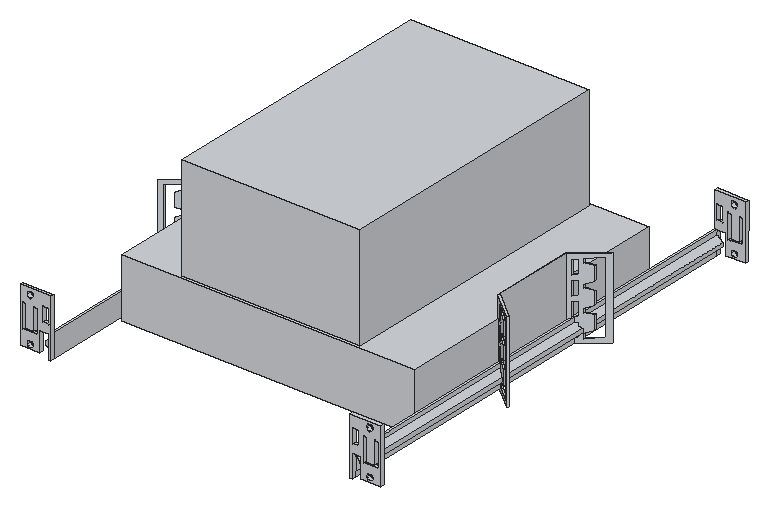
Revit family "Alcon-14135-6-L-Revit-Family", category Lighting Fixtures, host Ceiling, Revit 2021
Family settings
  Host = Ceiling
  Round Connector Dimension = Use Diameter
  Part Type = Normal
  Always vertical = Yes
  Cut with Voids When Loaded = Yes
  Light Source = Yes
  Shared = No
  Room Calculation Point = No
Parameters (values of type "Type 1")
  Wattage = 9.2903 W
  built-in parameter 1150110 = 1 (stored number, unit not read)
  built-in parameter 1114217 = 1 (stored number, unit not read)
  Tilt Angle = 60.00°
  built-in parameter 1150109 = 1 (stored number, unit not read)
  built-in parameter 1150134 = 3
  built-in parameter 1150113 = 1 (stored number, unit not read)
  built-in parameter 1010507 = 1.5708 (stored number, unit not read)
  built-in parameter 1010506 = 0.5236 (stored number, unit not read)
  Reflector = none
  Product Identity = "Alcon Lighting 14135-6-L"
  Manufacturer = "Alcon Light"
  built-in parameter 1150105 = 4614.1 (stored number, unit not read)
  Lumens = 1380 lm
  built-in parameter 1150115 = 1 (stored number, unit not read)
  Link To Product Page = "https://www.alconlighting.com/14135-6-l.html"
  Light Source Symbol Length = 10' - 0"
  Light Source = none
  built-in parameter 1150137 = (empty or 0)
  built-in parameter 1150139 = (empty or 0)
  built-in parameter 1150112 = 1 (stored number, unit not read)
  built-in parameter 1150114 = 1 (stored number, unit not read)
  built-in parameter 1150132 = (empty or 0)
  built-in parameter 1150102 = (empty or 0)
  built-in parameter 1150107 = 3200 (stored number, unit not read)
  built-in parameter 1150138 = (empty or 0)
  built-in parameter 1150106 = 46.141 (stored number, unit not read)
  Housing = none
  built-in parameter 1150104 = 13.8 (stored number, unit not read)
  Lens = none
  Dimming Lamp Color Temperature Shift = <None>
  Default Elevation = 0' - 0"
  Color Filter = 16777215
  built-in parameter 1114218 = 1 (stored number, unit not read)
  built-in parameter 1150133 = 10 (stored number, unit not read)
Reference planes (in)
  plane 1 "Center (Front/Back)": y = 0
  plane 2: z = 0
  plane 3 "Center (Left/Right)": x = 0
  plane 4 "Ceiling": z = 157.48031
Forms (in)
  Revolve 1, solid, material <- "Housing"
    sketch origin (0, 0, 0) x (1, 0, 0) y (0, 0, 1)
      loop
        line (-3.065, 157.37825) -> (-3.065, 158.11784)
        arc (-3.065, 158.11784) -> (-3.0549, 158.42954) -> (-3.02464, 158.73993) r 4.81447
        line (-3.02464, 158.73993) -> (-3.15067, 158.73993)
        arc (-3.15067, 158.73993) -> (-3.18016, 158.42951) -> (-3.19, 158.11784) r 4.93947
        line (-3.19, 158.11784) -> (-3.19, 157.48031) -> (-3.51182, 157.48031) -> (-3.51182, 157.37825) -> (-3.065, 157.37825)
      axis (0, 157.37825) -> (0, 158.73993)
    angle from 0 to 360
  Revolve 2, solid, material <- "Light Source"
    sketch origin (0, 0, 4.04922) x (1, 0, 0) y (0, 0, 1)
      loop
        line (0, 159.20873) -> (0, 159.40025) -> (-2.90741, 159.40025) -> (-2.90741, 159.20873) -> (0, 159.20873)
      axis (0, 159.20873) -> (0, 159.40025)
    angle from 0 to 360
  Extrusion 3, solid, material <- "Housing"
    sketch origin (0, 0, 157.48031) x (0, 1, 0) y (-1, 0, 0)
      loop
        line (-4.93441, 4.94097) -> (-4.93441, -4.94097) -> (4.93441, -4.94097) -> (4.93441, 4.94097) -> (-4.93441, 4.94097)
      loop
        line (-4.80941, 4.81597) -> (-4.80941, -4.81597) -> (4.80941, -4.81597) -> (4.80941, 4.81597) -> (-4.80941, 4.81597)
    from 0.71933 to 2.53659
  Extrusion 4, solid, material <- "Housing"
    sketch origin (0, 0, 157.48031) x (0, 1, 0) y (-1, 0, 0)
      loop
        line (-4.93441, 4.94097) -> (-4.93441, -4.94097) -> (4.93441, -4.94097) -> (4.93441, 4.94097) -> (-4.93441, 4.94097)
      loop
        circle (0, 0) r 2.90738
    from 2.53659 to 2.61884
  Extrusion 5, solid, material <- "Housing"
    sketch origin (0, 0, 157.48031) x (0, 1, 0) y (-1, 0, 0)
      loop
        line (-4.80941, 3.00347) -> (-4.80941, -2.99653) -> (4.80941, -2.99653) -> (4.80941, 3.00347) -> (-4.80941, 3.00347)
    from 2.61884 to 6.10716
  Extrusion 6, solid, material <- "Housing"
    sketch origin (0, 0, 157.48031) x (0, 1, 0) y (-1, 0, 0)
      loop
        line (-4.93441, 4.94097) -> (-4.93441, -4.94097) -> (4.93441, -4.94097) -> (4.93441, 4.94097) -> (-4.93441, 4.94097)
      loop
        circle (0, 0) r 3.19
    from 0.63752 to 0.71933
  Extrusion 7, void
    sketch origin (0, 0, 157.48031) x (0, 1, 0) y (-1, 0, 0)
      loop
        circle (0, 0) r 2.90738
    from 2.61884 to 5.96915
  Extrusion 8, solid, material <- "Housing"
    sketch origin (1.67888, 1.85467, 0.19356) x (1, 0, 0) y (0, 0, 1)
      loop
        line (4.39781, 158.03648) -> (4.39781, 159.87663) -> (3.35584, 159.87663) -> (3.35584, 157.92428) -> (3.44441, 157.92428) -> (3.44441, 158.70601) -> (3.73637, 158.70601) -> (3.73637, 158.03648) -> (4.39781, 158.03648)
      loop
        line (3.44441, 158.99543) -> (3.65052, 158.99543) -> (3.65052, 159.49543) -> (3.44441, 159.49543) -> (3.44441, 158.99543)
      loop
        line (4.31618, 158.54453) -> (4.31618, 159.36762) -> (4.20186, 159.36762) -> (4.20186, 158.61762) -> (3.9305, 158.61762) -> (3.9305, 159.36762) -> (3.81618, 159.36762) -> (3.81618, 158.54453) -> (4.31618, 158.54453)
      loop
        circle (4.04182, 159.68118) r 0.11132
      loop
        circle (4.04182, 158.18118) r 0.11132
    from -5.84043 to -5.72106
  Extrusion 9, solid, material <- "Housing"
    sketch origin (2.73206, -0.39533, 0) x (1, 0, 0) y (0, 0, 1)
      loop
        line (2.32609, 158.89957) -> (2.32609, 158.11784) -> (2.39122, 158.11784) -> (2.39122, 158.32322) -> (2.56408, 158.44426) -> (2.56408, 158.58056) -> (2.39122, 158.75342) -> (2.39122, 158.89957) -> (2.32609, 158.89957)
    from -7.97106 to 7.26645
  Extrusion 10, solid, material <- "Housing"
    sketch origin (1.67888, -13.50221, 0.19356) x (1, 0, 0) y (0, 0, 1)
      loop
        line (4.39781, 158.03648) -> (4.39781, 159.87663) -> (3.35584, 159.87663) -> (3.35584, 157.92428) -> (3.44441, 157.92428) -> (3.44441, 158.70601) -> (3.73637, 158.70601) -> (3.73637, 158.03648) -> (4.39781, 158.03648)
      loop
        line (3.44441, 158.99543) -> (3.65052, 158.99543) -> (3.65052, 159.49543) -> (3.44441, 159.49543) -> (3.44441, 158.99543)
      loop
        line (4.31618, 158.54453) -> (4.31618, 159.36762) -> (4.20186, 159.36762) -> (4.20186, 158.61762) -> (3.9305, 158.61762) -> (3.9305, 159.36762) -> (3.81618, 159.36762) -> (3.81618, 158.54453) -> (4.31618, 158.54453)
      loop
        circle (4.04182, 159.68118) r 0.11132
      loop
        circle (4.04182, 158.18118) r 0.11132
    from -5.84043 to -5.72106
  Extrusion 11, solid
    sketch origin (0, 0, 157.48031) x (0, 1, 0) y (-1, 0, 0)
      loop
        line (2.22574, -5.88598) -> (1.43278, -4.94097) -> (-1.43278, -4.94097) -> (-2.22574, -5.88598) -> (-2.19791, -5.91382) -> (-1.39672, -4.959) -> (1.39672, -4.959) -> (2.19791, -5.91382) -> (2.22574, -5.88598)
    from 0.63752 to 3.35606
  Extrusion 12, void
    sketch origin (0, 0, 0) x (1, 0, 0) y (0, 0, 1)
      loop
        line (5.3215, 158.2703) -> (5.77462, 158.2703) -> (5.77462, 160.71441) -> (5.3215, 160.71441) -> (5.3215, 160.56029) -> (5.54808, 160.45463) -> (5.54808, 160.0117) -> (5.3215, 159.92923) -> (5.3215, 159.80004) -> (5.54808, 159.69438) -> (5.54808, 159.29033) -> (5.3215, 159.18467) -> (5.3215, 159.05548) -> (5.54808, 158.97301) -> (5.54808, 158.53008) -> (5.3215, 158.42442) -> (5.3215, 158.2703)
      loop
        line (5.23014, 160.18684) -> (5.23014, 160.66763) -> (5.084, 160.66763) -> (5.084, 160.18684) -> (5.23014, 160.18684)
      loop
        line (5.23014, 159.55205) -> (5.23014, 160.03284) -> (5.084, 160.03284) -> (5.084, 159.55205) -> (5.23014, 159.55205)
      loop
        line (5.23014, 158.91726) -> (5.23014, 159.39805) -> (5.084, 159.39805) -> (5.084, 158.91726) -> (5.23014, 158.91726)
      loop
        line (5.23014, 158.28246) -> (5.23014, 158.76325) -> (5.084, 158.76325) -> (5.084, 158.28246) -> (5.23014, 158.28246)
    from -2.16392 to 2.22574
  Extrusion 13, solid, material <- "Housing"
    sketch origin (-1.67888, 1.85467, 0.19356) x (-1, 0, 0) y (0, 0, -1)
      loop
        line (4.39781, -158.03648) -> (3.73637, -158.03648) -> (3.73637, -158.70601) -> (3.44441, -158.70601) -> (3.44441, -157.92428) -> (3.35584, -157.92428) -> (3.35584, -159.87663) -> (4.39781, -159.87663) -> (4.39781, -158.03648)
      loop
        line (3.44441, -158.99543) -> (3.44441, -159.49543) -> (3.65052, -159.49543) -> (3.65052, -158.99543) -> (3.44441, -158.99543)
      loop
        line (4.31618, -158.54453) -> (3.81618, -158.54453) -> (3.81618, -159.36762) -> (3.9305, -159.36762) -> (3.9305, -158.61762) -> (4.20186, -158.61762) -> (4.20186, -159.36762) -> (4.31618, -159.36762) -> (4.31618, -158.54453)
      loop
        circle (4.04182, -159.68118) r 0.11132
      loop
        circle (4.04182, -158.18118) r 0.11132
    from -5.84043 to -5.72106
  Extrusion 14, solid, material <- "Housing"
    sketch origin (-2.73206, -0.39533, 0) x (-1, 0, 0) y (0, 0, -1)
      loop
        line (2.32609, -158.89957) -> (2.39122, -158.89957) -> (2.39122, -158.75342) -> (2.56408, -158.58056) -> (2.56408, -158.44426) -> (2.39122, -158.32322) -> (2.39122, -158.11784) -> (2.32609, -158.11784) -> (2.32609, -158.89957)
    from -7.97106 to 7.26645
  Extrusion 15, solid, material <- "Housing"
    sketch origin (-1.67888, -13.50221, 0.19356) x (-1, 0, 0) y (0, 0, -1)
      loop
        line (4.39781, -158.03648) -> (3.73637, -158.03648) -> (3.73637, -158.70601) -> (3.44441, -158.70601) -> (3.44441, -157.92428) -> (3.35584, -157.92428) -> (3.35584, -159.87663) -> (4.39781, -159.87663) -> (4.39781, -158.03648)
      loop
        line (3.44441, -158.99543) -> (3.44441, -159.49543) -> (3.65052, -159.49543) -> (3.65052, -158.99543) -> (3.44441, -158.99543)
      loop
        line (4.31618, -158.54453) -> (3.81618, -158.54453) -> (3.81618, -159.36762) -> (3.9305, -159.36762) -> (3.9305, -158.61762) -> (4.20186, -158.61762) -> (4.20186, -159.36762) -> (4.31618, -159.36762) -> (4.31618, -158.54453)
      loop
        circle (4.04182, -159.68118) r 0.11132
      loop
        circle (4.04182, -158.18118) r 0.11132
    from -5.84043 to -5.72106
  Extrusion 16, solid
    sketch origin (0, 0, 157.48031) x (0, -1, 0) y (1, 0, 0)
      loop
        line (-2.22574, -5.88598) -> (-2.19791, -5.91382) -> (-1.39672, -4.959) -> (1.39672, -4.959) -> (2.19791, -5.91382) -> (2.22574, -5.88598) -> (1.43278, -4.94097) -> (-1.43278, -4.94097) -> (-2.22574, -5.88598)
    from 0.63752 to 3.35606
  Extrusion 17, void
    sketch origin (0, 0, 0) x (-1, 0, 0) y (0, 0, -1)
      loop
        line (5.3215, -158.2703) -> (5.3215, -158.42442) -> (5.54808, -158.53008) -> (5.54808, -158.97301) -> (5.3215, -159.05548) -> (5.3215, -159.18467) -> (5.54808, -159.29033) -> (5.54808, -159.69438) -> (5.3215, -159.80004) -> (5.3215, -159.92923) -> (5.54808, -160.0117) -> (5.54808, -160.45463) -> (5.3215, -160.56029) -> (5.3215, -160.71441) -> (5.77462, -160.71441) -> (5.77462, -158.2703) -> (5.3215, -158.2703)
      loop
        line (5.23014, -160.18684) -> (5.084, -160.18684) -> (5.084, -160.66763) -> (5.23014, -160.66763) -> (5.23014, -160.18684)
      loop
        line (5.23014, -159.55205) -> (5.084, -159.55205) -> (5.084, -160.03284) -> (5.23014, -160.03284) -> (5.23014, -159.55205)
      loop
        line (5.23014, -158.91726) -> (5.084, -158.91726) -> (5.084, -159.39805) -> (5.23014, -159.39805) -> (5.23014, -158.91726)
      loop
        line (5.23014, -158.28246) -> (5.084, -158.28246) -> (5.084, -158.76325) -> (5.23014, -158.76325) -> (5.23014, -158.28246)
    from -2.16392 to 2.22574
  Extrusion 18, solid, material <- "Lens"
    sketch origin (0, 0, 157.48031) x (0, 1, 0) y (-1, 0, 0)
      loop
        circle (0, 0) r 3.15067
    from 1.25962 to 1.38134
Cuts and joins
  joined: Extrusion 3, Extrusion 4, Extrusion 6
  Extrusion 7 cuts Extrusion 5
  Extrusion 12, Extrusion 17 cuts Extrusion 11
  Extrusion 17 cuts Extrusion 9
  Extrusion 17 cuts Extrusion 14
  Extrusion 17 cuts Extrusion 16
Dimensions and locks (in)
  equal spacing: host sketch curve, plane 3 "Center (Left/Right)", host sketch curve
  equal spacing: host sketch curve, plane 1 "Center (Front/Back)", host sketch curve
  host sketch curve to host sketch curve = 13' - 1.48031"  (x2)
  plane 4 "Ceiling" to host ceiling = 0' - 0"
